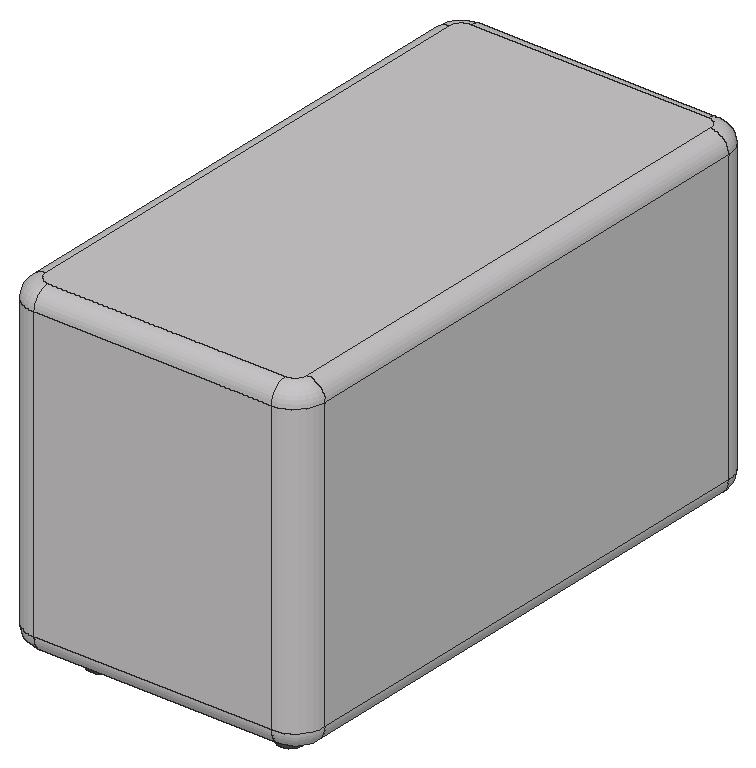
Revit family "FU_Chair_Sandler_ENTROPY_ENT0840TA", category Furniture, Revit 2020
Family settings
  OmniClass Number = 23.21.23.15.17
  Work Plane-Based = Yes
  Always vertical = No
  Cut with Voids When Loaded = No
  Shared = No
  Room Calculation Point = No
Parameters (values of type "ENTROPY ENT0840TA")
  Youtube clip = ""
  Width = 500.000 mm
  Uniformat II Description = "Movable Furnishings"
  Uniformat II Code = ""
  Uniclass 2015 Name = ""
  Uniclass 2015 Code = ""
  Uniclass 2.0 Description = ""
  Uniclass 2.0 Code = ""
  Uniclass 1.4 Description = ""
  Uniclass 1.4 Code = ""
  UNSPSC Code = ""
  Technical description = ""
  Seat Material = Leather - Gaja - 60005
  Frame Material = Steel - Frame - Black
  Region South America = "All"
  Region Oceania = "All"
  Region North America = "All"
  Region Middle East = "All"
  Region Europe = "All"
  Region Asia = "All"
  Region Antarctica = "All"
  Region Africa = "All"
  QR code = ""
  Product url = "https://www.sandlerseating.com/product/ent0840tata/"
  Product name = ""
  Product group = "Chair"
  Product family = "Furniture"
  Product data url = "https://www.sandlerseating.com/product/ent0840tata/"
  Product certification = ""
  Product SKU = ""
  Product Guid = ""
  OmniClass Description = ""
  OmniClass Code = "23-21 23 15 17"
  NBS Reference Description = ""
  NBS Reference Code = ""
  Model = "ENTROPY ENT0840TA"
  Masterformat 2014 Description = "Chair Mats"
  Masterformat 2014 Code = "12 48 43.13"
  Manufacturer name = "Sandler"
  Manufacturer country = "UK"
  Manufacturer = "Sandler"
  Installation instructions = ""
  IFC Classification = "Furnishing Element"
  GTIN code = ""
  Edition number = 1
  Design country = "UK"
  Description = "Chair"
  Depth = 950.000 mm
  Default Elevation = 0.000 mm
  Date of publishing = ""
  COBIe Type Category = ""
  Brand url = "https://www.sandlerseating.com/"
  BIMobject main category code = "furniture"
  BIMobject main category = "Furniture"
  BIMobject category code = "furniture-chair"
  BIMobject category = "Chair"
Reference planes
  plane 1 "Center Front/Back": y = 0
  plane 2: z = 0
  plane 3 "Center Left/Right": x = 0
  plane 4: y = 475
  plane 5: y = -475
  plane 6: x = -250
  plane 7: x = 250
  plane 8: z = 590
  plane 9: z = 40
  plane 10: x = -212.5
  plane 11: x = 212.5
  plane 12: y = -437.5
  plane 13: y = 437.5
Forms (mm)
  Extrusion 1, solid, material "Leather - Gaja - 60005" <- "Seat Material"
    sketch origin (0, 0, 0) x (1, 0, 0) y (0, 1, 0)
      loop
        arc (-200, 475) -> (-235.355, 460.355) -> (-250, 425) r 50
        line (-250, 425) -> (-250, -425)
        arc (-250, -425) -> (-235.355, -460.355) -> (-200, -475) r 50
        line (-200, -475) -> (200, -475)
        arc (200, -475) -> (235.355, -460.355) -> (250, -425) r 50
        line (250, -425) -> (250, 425)
        arc (250, 425) -> (235.355, 460.355) -> (200, 475) r 50
        line (200, 475) -> (-200, 475)
    from 40 to 590
  Extrusion 2, solid, material "Steel - Frame - Black" <- "Frame Material"
    sketch origin (0, 0, 0) x (1, 0, 0) y (0, 1, 0)
      loop
        circle (-160, -385) r 20
      loop
        circle (160, -385) r 20
      loop
        circle (-160, 385) r 20
      loop
        circle (160, 385) r 20
    from 0 to 40
  Sweep 3, void
    path in 3D
      loop
        arc (250, 425, 590) -> (235.355, 460.355, 590) -> (200, 475, 590) r 50
        line (200, 475, 590) -> (-200, 475, 590)
        arc (-200, 475, 590) -> (-235.355, 460.355, 590) -> (-250, 425, 590) r 50
        line (-250, 425, 590) -> (-250, -425, 590)
        arc (-250, -425, 590) -> (-235.355, -460.355, 590) -> (-200, -475, 590) r 50
        line (-200, -475, 590) -> (200, -475, 590)
        arc (200, -475, 590) -> (235.355, -460.355, 590) -> (250, -425, 590) r 50
        line (250, -425, 590) -> (250, 425, 590)
    profile origin (250, 0, 590) x (-1, 0, 0) y (0, 0, 1)
      loop
        line (0, 0) -> (0, -30)
        arc (0, -30) -> (8.787, -8.787) -> (30, 0) r 30
        line (30, 0) -> (0, 0)
      loop
        line (0, -550) -> (30, -550)
        arc (30, -550) -> (8.787, -541.213) -> (0, -520) r 30
        line (0, -520) -> (0, -550)
Cuts and joins
  Sweep 3 cuts Extrusion 1
Lines and regions (mm)
  sketch lines
    curve 1: line (250, -425, 590) -> (250, 425, 590)
    curve 2: arc (200, 475, 590) -> (235.355, 460.355, 590) -> (250, 425, 590) r 50
    curve 3: line (200, 475, 590) -> (-200, 475, 590)
    curve 4: arc (-250, 425, 590) -> (-235.355, 460.355, 590) -> (-200, 475, 590) r 50
    curve 5: line (-250, 425, 590) -> (-250, -425, 590)
    curve 6: arc (-200, -475, 590) -> (-235.355, -460.355, 590) -> (-250, -425, 590) r 50
    curve 7: line (-200, -475, 590) -> (200, -475, 590)
    curve 8: arc (250, -425, 590) -> (235.355, -460.355, 590) -> (200, -475, 590) r 50
Dimensions and locks
  equal spacing: plane 4, plane 1 "Center Front/Back", plane 5
  "Depth": plane 4 to plane 5
  equal spacing: plane 6, plane 3 "Center Left/Right", plane 7
  "Width": plane 6 to plane 7
  locked: plane 11 to plane 7 at 37.5
  locked: plane 6 to plane 10 at 37.5
  locked: plane 4 to plane 13 at 37.5
  locked: plane 12 to plane 5 at 37.5
  aligned and locked: level to plane 2
  aligned and locked: Extrusion 1 sketch curve to plane 4
  aligned and locked: plane 5 to Extrusion 1 sketch curve
  aligned and locked: Extrusion 1 sketch curve to plane 7
Automatic sketch dimensions
  Extrusion 1 sketch curve to plane 4 = 50.000 mm
  plane 10 to Extrusion 1 sketch curve = 12.500 mm  (x2)
  Extrusion 1 sketch curve to plane 11 = 12.500 mm  (x2)
  Extrusion 1 sketch curve to plane 6 = 0.000 mm
  Sweep 3 sketch curve to profile plane = 0.000 mm  (x3)
  Sweep 3 sketch curve to profile plane = 30.000 mm  (x2)
  Sweep 3 sketch curve to Sweep 3 sketch curve = 490.000 mm
  plane 10 to Extrusion 2 sketch curve = 52.500 mm  (x2)
  Extrusion 2 sketch curve to plane 11 = 52.500 mm  (x2)
  plane 12 to Extrusion 2 sketch curve = 52.500 mm  (x2)
  Extrusion 2 sketch curve to plane 13 = 52.500 mm  (x2)
  radius of Extrusion 2 sketch curve = 20.000 mm  (x4)
